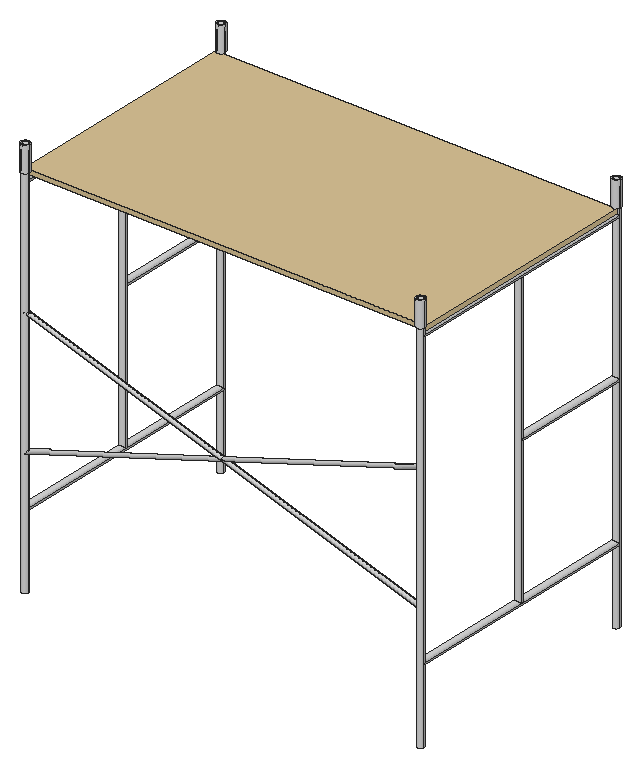
Revit family "6f2c76862c3c4761a83e2320b90b69d9", category Site, Revit 2021
Family settings
  Round Connector Dimension = Use Diameter
  Part Type = Normal
  Seek Item ID = Scaffolding-0000-USA-ENU
  Work Plane-Based = No
  Always vertical = Yes
  Cut with Voids When Loaded = No
  Shared = No
Parameters (values of type "96" x 60" x 96"")
  Height = 8' - 0"
  Length = 8' - 0"
  Platform Height = 7' - 6"
  Width = 5' - 0"
Reference planes (in)
  plane 1 "Center (Front/Back)": y = 0
  plane 2: z = 0
  plane 3 "Center (Left/Right)": x = 0
  plane 4: x = -48
  plane 5: x = 48
  plane 6: y = 30
  plane 7: y = -30
  plane 8: y = 29.25
  plane 9 "Outside": y = -29.25
  plane 10: x = -47.25
  plane 11: x = 47.25
  plane 12: z = 96
  plane 13: z = 90
  plane 14: z = 18
  plane 15: z = 88.25
  plane 16: z = 53.125
  plane 17: z = 89
  plane 18: y = 28.5
  plane 19: y = -28.5
  plane 20: z = 60
  plane 21: z = 30
Forms (in)
  Extrusion 1, solid, material "Steel"
    sketch origin (0, 0, 0) x (1, 0, 0) y (0, 1, 0)
      loop
        circle (-47.25, -29.25) r 0.75
      loop
        circle (-47.25, 29.25) r 0.75
    from 0 to 96
  Extrusion 2, solid, material "Steel"
    sketch origin (0, 0, 0) x (1, 0, 0) y (0, 0, 1)
      loop
        circle (-47.25, 88.25) r 0.75
      loop
        circle (-47.25, 18) r 0.75
    from -29.25 to 29.25
  Extrusion 3, solid, material "Steel"
    sketch origin (0, 0, 0) x (1, 0, 0) y (0, 1, 0)
      loop
        circle (-47.25, 0) r 0.75
    from 18 to 88.25
  Extrusion 4, solid, material "Steel"
    sketch origin (0, 0, 0) x (1, 0, 0) y (0, 0, 1)
      loop
        circle (-47.25, 53.125) r 0.75
    from -29.25 to 0
  Extrusion 5, solid, material "Steel"
    sketch origin (0, 0, 0) x (1, 0, 0) y (0, 1, 0)
      loop
        circle (47.25, -29.25) r 0.75
      loop
        circle (47.25, 29.25) r 0.75
    from 0 to 96
  Extrusion 6, solid, material "Steel"
    sketch origin (0, 0, 0) x (1, 0, 0) y (0, 0, 1)
      loop
        circle (47.25, 88.25) r 0.75
      loop
        circle (47.25, 18) r 0.75
    from -29.25 to 29.25
  Extrusion 7, solid, material "Steel"
    sketch origin (0, 0, 0) x (1, 0, 0) y (0, 0, 1)
      loop
        circle (47.25, 53.125) r 0.75
    from -29.25 to 0
  Extrusion 8, solid, material "Steel"
    sketch origin (0, 0, 0) x (1, 0, 0) y (0, 1, 0)
      loop
        circle (47.25, 0) r 0.75
    from 18 to 88.25
  Extrusion 9, solid, material "Plywood, Sheathing"
    sketch origin (0, 0, 0) x (1, 0, 0) y (0, 1, 0)
      loop
        line (-48, 28.5) -> (-48, -28.5) -> (48, -28.5) -> (48, 28.5) -> (-48, 28.5)
    from 89 to 90
  Sweep 10, solid, material "Steel"
    path in 3D
      loop
        line (-47.25, -29.25, 60) -> (47.25, -29.25, 30)
    profile origin (-12.9778, -29.25, 4.11994) x (-0.302579, 0, -0.953124) y (0, 1, 0)
      loop
        circle (-42.89059, 0) r 0.5
  Sweep 11, solid, material "Steel"
    path in 3D
      loop
        line (-47.25, -29.25, 30) -> (47.25, -29.25, 60)
    profile origin (12.9778, -29.25, 4.11994) x (0.302579, 0, -0.953124) y (0, 1, 0)
      loop
        circle (-42.89059, 0) r 0.5
  Extrusion 12, solid, material "Steel"
    sketch origin (0, 0, 0) x (1, 0, 0) y (0, 1, 0)
      loop
        circle (47.25, -29.25) r 1
      loop
        circle (47.25, -29.25) r 0.75
      loop
        circle (47.25, 29.25) r 0.75
      loop
        circle (47.25, 29.25) r 1
      loop
        circle (-47.25, 29.25) r 0.75
      loop
        circle (-47.25, 29.25) r 1
      loop
        circle (-47.25, -29.25) r 0.75
      loop
        circle (-47.25, -29.25) r 1
    from 90 to 96
Lines and regions (in)
  symbolic lines, style "Logistics"
    curve 1: line (-48, 28.5, 0) -> (48, 28.5, 0)
    curve 2: line (-48, -28.5, 0) -> (-48, 28.5, 0)
    curve 3: line (48, -28.5, 0) -> (-48, -28.5, 0)
    curve 4: line (48, 28.5, 0) -> (48, -28.5, 0)
  model lines, style "Logistics"
    curve 5: line (-47.25, -29.25, 60) -> (47.25, -29.25, 30)
    curve 6: line (-47.25, -29.25, 30) -> (47.25, -29.25, 60)
  sketch lines
    curve 7: line (-47.25, -29.25, 60) -> (47.25, -29.25, 30)
    curve 8: line (-47.25, -29.25, 30) -> (47.25, -29.25, 60)
Dimensions and locks (in)
  "Length": plane 4 to plane 5
  equal spacing: plane 4, plane 3 "Center (Left/Right)", plane 5
  equal spacing: plane 7, plane 1 "Center (Front/Back)", plane 6
  "Width": plane 7 to plane 6
  plane 4 to plane 10 = 0' - 0 3/4"
  plane 11 to plane 5 = 0' - 0 3/4"
  plane 6 to plane 8 = 0' - 0 3/4"
  plane 9 "Outside" to plane 7 = 0' - 0 3/4"
  "Height": plane 12 to plane 2
  "Platform Height": plane 13 to plane 2
  plane 14 to plane 2 = 1' - 6"
  locked: plane 13 to plane 15 at 1.75
  equal spacing: plane 15, plane 16, plane 14
  plane 13 to plane 17 = 0' - 1"
  locked: plane 18 to plane 6 at 1.5
  locked: plane 7 to plane 19 at 1.5
  equal spacing: plane 13, plane 20, plane 21, plane 2
  locked: plane 9 "Outside" to Sweep 11 sketch curve
  locked: plane 9 "Outside" to Sweep 10 sketch curve
  radius of Sweep 11 sketch curve = 0' - 0 1/2"
  radius of Sweep 10 sketch curve = 0' - 0 1/2"
  aligned and locked: Extrusion 1 to plane 12
  aligned and locked: plane 8 to Extrusion 2
  aligned and locked: Extrusion 2 to plane 9 "Outside"
  aligned and locked: Extrusion 3 to plane 15
  aligned and locked: plane 14 to Extrusion 3
  aligned and locked: plane 8 to Extrusion 4
  aligned and locked: plane 1 "Center (Front/Back)" to Extrusion 4
  aligned and locked: Extrusion 5 to Extrusion 1
  aligned and locked: Extrusion 8 to plane 15
  aligned and locked: plane 14 to Extrusion 8
  aligned and locked: plane 8 to Extrusion 6
  aligned and locked: Extrusion 6 to plane 9 "Outside"
  aligned and locked: plane 8 to Extrusion 7
  aligned and locked: plane 1 "Center (Front/Back)" to Extrusion 7
  aligned and locked: plane 4 to curve 1
  aligned and locked: plane 18 to curve 1
  aligned and locked: plane 19 to curve 4
  aligned and locked: plane 5 to curve 4
  aligned and locked: curve 2 to Extrusion 9 sketch curve
  aligned and locked: Extrusion 9 sketch curve to curve 1
  aligned and locked: Extrusion 9 sketch curve to curve 3
  aligned and locked: Extrusion 9 sketch curve to curve 4
  aligned and locked: Extrusion 9 to plane 13
  aligned and locked: plane 17 to Extrusion 9
  aligned and locked: plane 10 to curve 5
  aligned and locked: plane 11 to curve 5
  aligned and locked: plane 10 to curve 6
  aligned and locked: plane 11 to curve 6
  aligned and locked: Extrusion 12 to Extrusion 1
  aligned and locked: plane 13 to Extrusion 12
Automatic sketch dimensions
  Extrusion 1 sketch curve to plane 8 = 0' - 0"
  Extrusion 1 sketch curve to plane 4 = 0' - 0"
  Extrusion 1 sketch curve to plane 9 "Outside" = 0' - 0"
  Extrusion 1 sketch curve to plane 10 = 0' - 0"  (x2)
  plane 4 to Extrusion 1 sketch curve = 0' - 0"
  Extrusion 2 sketch curve to plane 14 = 0' - 0"
  Extrusion 2 sketch curve to plane 4 = 0' - 0"
  Extrusion 2 sketch curve to plane 10 = 0' - 0"  (x2)
  Extrusion 2 sketch curve to plane 15 = 0' - 0"
  plane 4 to Extrusion 2 sketch curve = 0' - 0"
  Extrusion 3 sketch curve to plane 1 "Center (Front/Back)" = 0' - 0"
  Extrusion 3 sketch curve to plane 10 = 0' - 0"
  plane 4 to Extrusion 3 sketch curve = 0' - 0"
  Extrusion 4 sketch curve to plane 4 = 0' - 0"
  Extrusion 4 sketch curve to plane 10 = 0' - 0"
  Extrusion 4 sketch curve to plane 16 = 0' - 0"
  Extrusion 5 sketch curve to plane 9 "Outside" = 0' - 0"
  Extrusion 5 sketch curve to plane 8 = 0' - 0"
  Extrusion 5 sketch curve to plane 11 = 0' - 0"  (x2)
  Extrusion 5 sketch curve to plane 5 = 0' - 0"
  plane 11 to Extrusion 5 sketch curve = 0' - 0 3/4"
  Extrusion 6 sketch curve to plane 14 = 0' - 0"
  Extrusion 6 sketch curve to plane 15 = 0' - 0"
  Extrusion 6 sketch curve to plane 11 = 0' - 0"  (x2)
  Extrusion 6 sketch curve to plane 5 = 0' - 0"
  plane 11 to Extrusion 6 sketch curve = 0' - 0 3/4"
  Extrusion 7 sketch curve to plane 16 = 0' - 0"
  Extrusion 7 sketch curve to plane 11 = 0' - 0"
  plane 11 to Extrusion 7 sketch curve = 0' - 0 3/4"
  Extrusion 8 sketch curve to plane 1 "Center (Front/Back)" = 0' - 0"
  Extrusion 8 sketch curve to plane 11 = 0' - 0"
  Extrusion 8 sketch curve to plane 5 = 0' - 0"
  curve 6 to plane 21 = 0' - 0"
  curve 5 to plane 20 = 0' - 0"
  curve 6 to plane 20 = 0' - 0"
  curve 5 to plane 21 = 0' - 0"
  Extrusion 12 sketch curve to plane 9 "Outside" = 0' - 0"  (x4)
  Extrusion 12 sketch curve to plane 8 = 0' - 0"  (x4)
  Extrusion 12 sketch curve to plane 4 = 0' - 0"  (x2)
  Extrusion 12 sketch curve to plane 10 = 0' - 0"  (x4)
  Extrusion 12 sketch curve to plane 11 = 0' - 0"  (x4)
  Extrusion 12 sketch curve to plane 5 = 0' - 0"  (x2)
  plane 4 to Extrusion 12 sketch curve = 0' - 0 1/4"  (x2)
  Extrusion 12 sketch curve to Extrusion 12 sketch curve = 0' - 0 1/4"  (x2)
  Sweep 11 sketch curve to profile plane = 0' - 0"
  Sweep 10 sketch curve to profile plane = 0' - 0"
